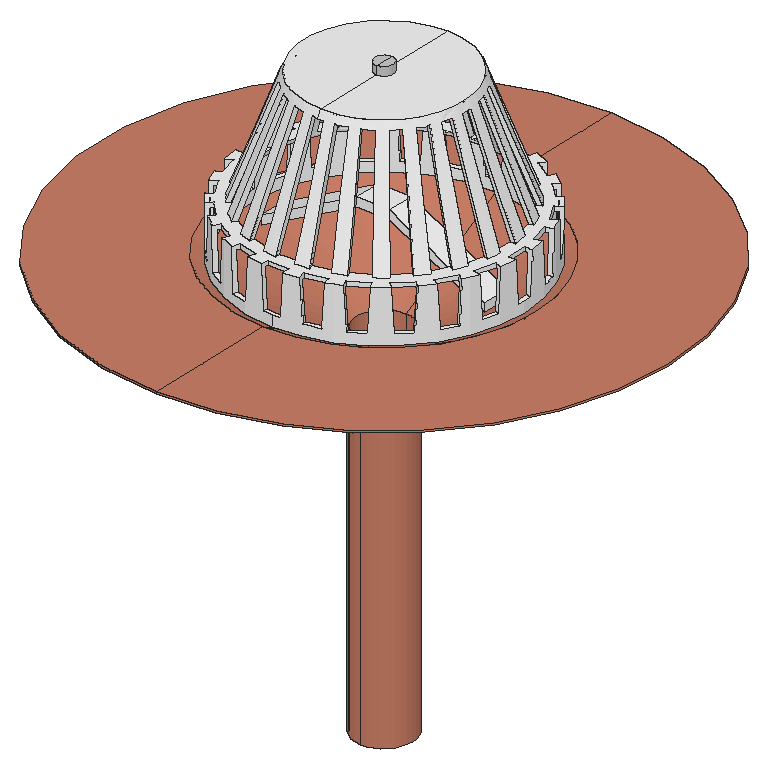
Revit family "Plumbing_Drainage_Menzies-Metal_Commercial-Spun-Copper-Drain", category Plumbing Fixtures, host Face, Revit 2018
Family settings
  Host = Face
  Round Connector Dimension = Use Diameter
  Part Type = Normal
  OmniClass Number = 23.70.50.21.24.11
  OmniClass Title = Roof Waste Water Drains
  Cut with Voids When Loaded = No
  Shared = No
  Room Calculation Point = No
Parameters (values of type "2"")
  Weight = 4.05 lbf
  URL = "https://www.menzies-metal.com/flat-roofing/commercial-spun-copper-drain/"
  Product data url = "https://www.bimobject.com/menzies-metal/product/commercial-copper"
  Product Material = Metal - Menzies Metal Products - Copper
  Product Guid = "a301bc6e-1830-4c65-b6ef-e79800863fc5"
  Pipe Length Note = "Longer pipes available.  Pipes can be field cut to the desired length."  # constant formula
  Pipe Length = 0' - 10 7/8"
  Pipe Diameter = 1 3/4"
  Model = "300-3065"
  Manufacturer = "Menzies Metal Products"  # constant formula
  Edition number = 1
  Drain Flow = 0 GPM
  Description = "Commercial Spun Copper Drain"  # constant formula
  Default Elevation = 4' - 0"
  Assembly Code = "D2040200"
Types (4): name | Weight | Pipe Diameter | Model
  2" | 4.05 lbf | 1 3/4" | "300-3065"
  3" | 4.95 lbf | 2 3/4" | "300-3070"
  4" | 5.50 lbf | 3 3/4" | "300-3075"
  6" | 10.50 lbf | 5 3/4" | "300-3078"
Reference planes (in)
  plane 1 "Center (Front/Back)": y = 0
  plane 2: z = 0
  plane 3 "Center (Left/Right)": x = 0
  plane 4: z = -12.86321
  plane 5: y = 0.875
  plane 6: y = -0.875
  plane 7: y = 0.40591
  plane 8: y = -0.40591
  plane 9: z = -1.98821
  plane 10: z = 0.05867
Forms (in)
  Revolve 1, solid, material "Metal - Menzies Metal Products - Aluminum", detail levels coarse
    sketch origin (0, 0, 0) x (0, 1, 0) y (0, 0, 1)
      loop
        line (2.40013, 4.98) -> (0, 4.98) -> (0, -0.08963) -> (4.23823, -0.08963) -> (4.23823, 1.48) -> (3.74365, 1.48) -> (2.40013, 4.98)
      axis (0, 4.98) -> (0, -0.08963)
    angle from 0 to 360
  Revolve 2, solid, material "Metal - Menzies Metal Products - Copper" <- "Product Material", detail levels coarse
    sketch origin (0, 0, 0) x (0, 1, 0) y (0, 0, 1)
      loop
        line (8.59375, 0.05) -> (0, 0.05) -> (0, -12.86321) -> (0.875, -12.86321) -> (0.875, -1.98821) -> (4.59375, 0) -> (8.59375, 0) -> (8.59375, 0.05)
      axis (0, 0.05) -> (0, -12.86321)
    angle from 0 to 360
  Revolve 3, solid, material "Metal - Menzies Metal Products - Stainless Steel", detail levels medium+fine
    sketch origin (0, 0, 0) x (0, 1, 0) y (0, 0, 1)
      loop
        line (0.27255, 5.23) -> (0, 5.23) -> (0, 0.98) -> (0.11813, 0.98) -> (0.11813, 4.98) -> (0.27255, 4.98) -> (0.27255, 5.23)
      axis (0, 5.23) -> (0, 0.98)
    angle from 0 to 360
  Revolve 4, solid, material "Metal - Menzies Metal Products - Aluminum", detail levels medium+fine
    sketch origin (0, 0, 0) x (0, 1, 0) y (0, 0, 1)
      loop
        line (2.40013, 4.98) -> (0, 4.98) -> (0, 4.855) -> (2.31422, 4.855) -> (3.65774, 1.355) -> (4.11323, 1.355) -> (4.11323, -0.08963) -> (4.23823, -0.08963) -> (4.23823, 1.48) -> (3.74365, 1.48) -> (2.40013, 4.98)
      axis (0, 4.98) -> (0, -0.08963)
    angle from 0 to 360
  Extrusion 5, void
    sketch origin (0, 0, 0) x (-1, 0, 0) y (0, 0, 1)
      loop
        line (0.17396, 4.76) -> (-0.17396, 4.76) -> (-0.2885, 1.48) -> (0.2885, 1.48) -> (0.17396, 4.76)
    from -4.68215 to -1.5
  Extrusion 6, void
    sketch origin (0, 0, 0) x (1, 0, 0) y (0, 0, 1)
      loop
        line (-0.25077, 0.23171) -> (0.25077, 0.23171) -> (0.31619, 1.48) -> (-0.31619, 1.48) -> (-0.25077, 0.23171)
    from 4.0004 to 4.40138
  Extrusion 7, void
    sketch origin (0, 0, 0) x (-0.965926, -0.258819, 0) y (0, 0, 1)
      loop
        line (0.17396, 4.76) -> (-0.17396, 4.76) -> (-0.2885, 1.48) -> (0.2885, 1.48) -> (0.17396, 4.76)
    from -4.68215 to -1.5
  Extrusion 8, void
    sketch origin (0, 0, 0) x (0.965926, 0.258819, 0) y (0, 0, 1)
      loop
        line (-0.25077, 0.23171) -> (0.25077, 0.23171) -> (0.31619, 1.48) -> (-0.31619, 1.48) -> (-0.25077, 0.23171)
    from 4.0004 to 4.40138
  Extrusion 9, void
    sketch origin (0, 0, 0) x (-0.866025, -0.5, 0) y (0, 0, 1)
      loop
        line (0.17396, 4.76) -> (-0.17396, 4.76) -> (-0.2885, 1.48) -> (0.2885, 1.48) -> (0.17396, 4.76)
    from -4.68215 to -1.5
  Extrusion 10, void
    sketch origin (0, 0, 0) x (0.866025, 0.5, 0) y (0, 0, 1)
      loop
        line (-0.25077, 0.23171) -> (0.25077, 0.23171) -> (0.31619, 1.48) -> (-0.31619, 1.48) -> (-0.25077, 0.23171)
    from 4.0004 to 4.40138
  Extrusion 11, void
    sketch origin (0, 0, 0) x (-0.707107, -0.707107, 0) y (0, 0, 1)
      loop
        line (0.17396, 4.76) -> (-0.17396, 4.76) -> (-0.2885, 1.48) -> (0.2885, 1.48) -> (0.17396, 4.76)
    from -4.68215 to -1.5
  Extrusion 12, void
    sketch origin (0, 0, 0) x (0.707107, 0.707107, 0) y (0, 0, 1)
      loop
        line (-0.25077, 0.23171) -> (0.25077, 0.23171) -> (0.31619, 1.48) -> (-0.31619, 1.48) -> (-0.25077, 0.23171)
    from 4.0004 to 4.40138
  Extrusion 13, void
    sketch origin (0, 0, 0) x (-0.5, -0.866025, 0) y (0, 0, 1)
      loop
        line (0.17396, 4.76) -> (-0.17396, 4.76) -> (-0.2885, 1.48) -> (0.2885, 1.48) -> (0.17396, 4.76)
    from -4.68215 to -1.5
  Extrusion 14, void
    sketch origin (0, 0, 0) x (0.5, 0.866025, 0) y (0, 0, 1)
      loop
        line (-0.25077, 0.23171) -> (0.25077, 0.23171) -> (0.31619, 1.48) -> (-0.31619, 1.48) -> (-0.25077, 0.23171)
    from 4.0004 to 4.40138
  Extrusion 15, void
    sketch origin (0, 0, 0) x (-0.258819, -0.965926, 0) y (0, 0, 1)
      loop
        line (0.17396, 4.76) -> (-0.17396, 4.76) -> (-0.2885, 1.48) -> (0.2885, 1.48) -> (0.17396, 4.76)
    from -4.68215 to -1.5
  Extrusion 16, void
    sketch origin (0, 0, 0) x (0.258819, 0.965926, 0) y (0, 0, 1)
      loop
        line (-0.25077, 0.23171) -> (0.25077, 0.23171) -> (0.31619, 1.48) -> (-0.31619, 1.48) -> (-0.25077, 0.23171)
    from 4.0004 to 4.40138
  Extrusion 17, void
    sketch origin (0, 0, 0) x (0, -1, 0) y (0, 0, 1)
      loop
        line (0.17396, 4.76) -> (-0.17396, 4.76) -> (-0.2885, 1.48) -> (0.2885, 1.48) -> (0.17396, 4.76)
    from -4.68215 to -1.5
  Extrusion 18, void
    sketch origin (0, 0, 0) x (0, 1, 0) y (0, 0, 1)
      loop
        line (-0.25077, 0.23171) -> (0.25077, 0.23171) -> (0.31619, 1.48) -> (-0.31619, 1.48) -> (-0.25077, 0.23171)
    from 4.0004 to 4.40138
  Extrusion 19, void
    sketch origin (0, 0, 0) x (0.258819, -0.965926, 0) y (0, 0, 1)
      loop
        line (0.17396, 4.76) -> (-0.17396, 4.76) -> (-0.2885, 1.48) -> (0.2885, 1.48) -> (0.17396, 4.76)
    from -4.68215 to -1.5
  Extrusion 20, void
    sketch origin (0, 0, 0) x (-0.258819, 0.965926, 0) y (0, 0, 1)
      loop
        line (-0.25077, 0.23171) -> (0.25077, 0.23171) -> (0.31619, 1.48) -> (-0.31619, 1.48) -> (-0.25077, 0.23171)
    from 4.0004 to 4.40138
  Extrusion 21, void
    sketch origin (0, 0, 0) x (0.5, -0.866025, 0) y (0, 0, 1)
      loop
        line (0.17396, 4.76) -> (-0.17396, 4.76) -> (-0.2885, 1.48) -> (0.2885, 1.48) -> (0.17396, 4.76)
    from -4.68215 to -1.5
  Extrusion 22, void
    sketch origin (0, 0, 0) x (-0.5, 0.866025, 0) y (0, 0, 1)
      loop
        line (-0.25077, 0.23171) -> (0.25077, 0.23171) -> (0.31619, 1.48) -> (-0.31619, 1.48) -> (-0.25077, 0.23171)
    from 4.0004 to 4.40138
  Extrusion 23, void
    sketch origin (0, 0, 0) x (0.707107, -0.707107, 0) y (0, 0, 1)
      loop
        line (0.17396, 4.76) -> (-0.17396, 4.76) -> (-0.2885, 1.48) -> (0.2885, 1.48) -> (0.17396, 4.76)
    from -4.68215 to -1.5
  Extrusion 24, void
    sketch origin (0, 0, 0) x (-0.707107, 0.707107, 0) y (0, 0, 1)
      loop
        line (-0.25077, 0.23171) -> (0.25077, 0.23171) -> (0.31619, 1.48) -> (-0.31619, 1.48) -> (-0.25077, 0.23171)
    from 4.0004 to 4.40138
  Extrusion 25, void
    sketch origin (0, 0, 0) x (0.866025, -0.5, 0) y (0, 0, 1)
      loop
        line (0.17396, 4.76) -> (-0.17396, 4.76) -> (-0.2885, 1.48) -> (0.2885, 1.48) -> (0.17396, 4.76)
    from -4.68215 to -1.5
  Extrusion 26, void
    sketch origin (0, 0, 0) x (-0.866025, 0.5, 0) y (0, 0, 1)
      loop
        line (-0.25077, 0.23171) -> (0.25077, 0.23171) -> (0.31619, 1.48) -> (-0.31619, 1.48) -> (-0.25077, 0.23171)
    from 4.0004 to 4.40138
  Extrusion 27, void
    sketch origin (0, 0, 0) x (0.965926, -0.258819, 0) y (0, 0, 1)
      loop
        line (0.17396, 4.76) -> (-0.17396, 4.76) -> (-0.2885, 1.48) -> (0.2885, 1.48) -> (0.17396, 4.76)
    from -4.68215 to -1.5
  Extrusion 28, void
    sketch origin (0, 0, 0) x (-0.965926, 0.258819, 0) y (0, 0, 1)
      loop
        line (-0.25077, 0.23171) -> (0.25077, 0.23171) -> (0.31619, 1.48) -> (-0.31619, 1.48) -> (-0.25077, 0.23171)
    from 4.0004 to 4.40138
  Extrusion 29, void
    sketch origin (0, 0, 0) x (1, 0, 0) y (0, 0, 1)
      loop
        line (0.17396, 4.76) -> (-0.17396, 4.76) -> (-0.2885, 1.48) -> (0.2885, 1.48) -> (0.17396, 4.76)
    from -4.68215 to -1.5
  Extrusion 30, void
    sketch origin (0, 0, 0) x (-1, 0, 0) y (0, 0, 1)
      loop
        line (-0.25077, 0.23171) -> (0.25077, 0.23171) -> (0.31619, 1.48) -> (-0.31619, 1.48) -> (-0.25077, 0.23171)
    from 4.0004 to 4.40138
  Extrusion 31, void
    sketch origin (0, 0, 0) x (0.965926, 0.258819, 0) y (0, 0, 1)
      loop
        line (0.17396, 4.76) -> (-0.17396, 4.76) -> (-0.2885, 1.48) -> (0.2885, 1.48) -> (0.17396, 4.76)
    from -4.68215 to -1.5
  Extrusion 32, void
    sketch origin (0, 0, 0) x (-0.965926, -0.258819, 0) y (0, 0, 1)
      loop
        line (-0.25077, 0.23171) -> (0.25077, 0.23171) -> (0.31619, 1.48) -> (-0.31619, 1.48) -> (-0.25077, 0.23171)
    from 4.0004 to 4.40138
  Extrusion 33, void
    sketch origin (0, 0, 0) x (0.866025, 0.5, 0) y (0, 0, 1)
      loop
        line (0.17396, 4.76) -> (-0.17396, 4.76) -> (-0.2885, 1.48) -> (0.2885, 1.48) -> (0.17396, 4.76)
    from -4.68215 to -1.5
  Extrusion 34, void
    sketch origin (0, 0, 0) x (-0.866025, -0.5, 0) y (0, 0, 1)
      loop
        line (-0.25077, 0.23171) -> (0.25077, 0.23171) -> (0.31619, 1.48) -> (-0.31619, 1.48) -> (-0.25077, 0.23171)
    from 4.0004 to 4.40138
  Extrusion 35, void
    sketch origin (0, 0, 0) x (0.707107, 0.707107, 0) y (0, 0, 1)
      loop
        line (0.17396, 4.76) -> (-0.17396, 4.76) -> (-0.2885, 1.48) -> (0.2885, 1.48) -> (0.17396, 4.76)
    from -4.68215 to -1.5
  Extrusion 36, void
    sketch origin (0, 0, 0) x (-0.707107, -0.707107, 0) y (0, 0, 1)
      loop
        line (-0.25077, 0.23171) -> (0.25077, 0.23171) -> (0.31619, 1.48) -> (-0.31619, 1.48) -> (-0.25077, 0.23171)
    from 4.0004 to 4.40138
  Extrusion 37, void
    sketch origin (0, 0, 0) x (0.5, 0.866025, 0) y (0, 0, 1)
      loop
        line (0.17396, 4.76) -> (-0.17396, 4.76) -> (-0.2885, 1.48) -> (0.2885, 1.48) -> (0.17396, 4.76)
    from -4.68215 to -1.5
  Extrusion 38, void
    sketch origin (0, 0, 0) x (-0.5, -0.866025, 0) y (0, 0, 1)
      loop
        line (-0.25077, 0.23171) -> (0.25077, 0.23171) -> (0.31619, 1.48) -> (-0.31619, 1.48) -> (-0.25077, 0.23171)
    from 4.0004 to 4.40138
  Extrusion 39, void
    sketch origin (0, 0, 0) x (0.258819, 0.965926, 0) y (0, 0, 1)
      loop
        line (0.17396, 4.76) -> (-0.17396, 4.76) -> (-0.2885, 1.48) -> (0.2885, 1.48) -> (0.17396, 4.76)
    from -4.68215 to -1.5
  Extrusion 40, void
    sketch origin (0, 0, 0) x (-0.258819, -0.965926, 0) y (0, 0, 1)
      loop
        line (-0.25077, 0.23171) -> (0.25077, 0.23171) -> (0.31619, 1.48) -> (-0.31619, 1.48) -> (-0.25077, 0.23171)
    from 4.0004 to 4.40138
  Extrusion 41, void
    sketch origin (0, 0, 0) x (0, 1, 0) y (0, 0, 1)
      loop
        line (0.17396, 4.76) -> (-0.17396, 4.76) -> (-0.2885, 1.48) -> (0.2885, 1.48) -> (0.17396, 4.76)
    from -4.68215 to -1.5
  Extrusion 42, void
    sketch origin (0, 0, 0) x (0, -1, 0) y (0, 0, 1)
      loop
        line (-0.25077, 0.23171) -> (0.25077, 0.23171) -> (0.31619, 1.48) -> (-0.31619, 1.48) -> (-0.25077, 0.23171)
    from 4.0004 to 4.40138
  Extrusion 43, void
    sketch origin (0, 0, 0) x (-0.258819, 0.965926, 0) y (0, 0, 1)
      loop
        line (0.17396, 4.76) -> (-0.17396, 4.76) -> (-0.2885, 1.48) -> (0.2885, 1.48) -> (0.17396, 4.76)
    from -4.68215 to -1.5
  Extrusion 44, void
    sketch origin (0, 0, 0) x (0.258819, -0.965926, 0) y (0, 0, 1)
      loop
        line (-0.25077, 0.23171) -> (0.25077, 0.23171) -> (0.31619, 1.48) -> (-0.31619, 1.48) -> (-0.25077, 0.23171)
    from 4.0004 to 4.40138
  Extrusion 45, void
    sketch origin (0, 0, 0) x (-0.5, 0.866025, 0) y (0, 0, 1)
      loop
        line (0.17396, 4.76) -> (-0.17396, 4.76) -> (-0.2885, 1.48) -> (0.2885, 1.48) -> (0.17396, 4.76)
    from -4.68215 to -1.5
  Extrusion 46, void
    sketch origin (0, 0, 0) x (0.5, -0.866025, 0) y (0, 0, 1)
      loop
        line (-0.25077, 0.23171) -> (0.25077, 0.23171) -> (0.31619, 1.48) -> (-0.31619, 1.48) -> (-0.25077, 0.23171)
    from 4.0004 to 4.40138
  Extrusion 47, void
    sketch origin (0, 0, 0) x (-0.707107, 0.707107, 0) y (0, 0, 1)
      loop
        line (0.17396, 4.76) -> (-0.17396, 4.76) -> (-0.2885, 1.48) -> (0.2885, 1.48) -> (0.17396, 4.76)
    from -4.68215 to -1.5
  Extrusion 48, void
    sketch origin (0, 0, 0) x (0.707107, -0.707107, 0) y (0, 0, 1)
      loop
        line (-0.25077, 0.23171) -> (0.25077, 0.23171) -> (0.31619, 1.48) -> (-0.31619, 1.48) -> (-0.25077, 0.23171)
    from 4.0004 to 4.40138
  Extrusion 49, void
    sketch origin (0, 0, 0) x (-0.866025, 0.5, 0) y (0, 0, 1)
      loop
        line (0.17396, 4.76) -> (-0.17396, 4.76) -> (-0.2885, 1.48) -> (0.2885, 1.48) -> (0.17396, 4.76)
    from -4.68215 to -1.5
  Extrusion 50, void
    sketch origin (0, 0, 0) x (0.866025, -0.5, 0) y (0, 0, 1)
      loop
        line (-0.25077, 0.23171) -> (0.25077, 0.23171) -> (0.31619, 1.48) -> (-0.31619, 1.48) -> (-0.25077, 0.23171)
    from 4.0004 to 4.40138
  Extrusion 51, void
    sketch origin (0, 0, 0) x (-0.965926, 0.258819, 0) y (0, 0, 1)
      loop
        line (0.17396, 4.76) -> (-0.17396, 4.76) -> (-0.2885, 1.48) -> (0.2885, 1.48) -> (0.17396, 4.76)
    from -4.68215 to -1.5
  Extrusion 52, void
    sketch origin (0, 0, 0) x (0.965926, -0.258819, 0) y (0, 0, 1)
      loop
        line (-0.25077, 0.23171) -> (0.25077, 0.23171) -> (0.31619, 1.48) -> (-0.31619, 1.48) -> (-0.25077, 0.23171)
    from 4.0004 to 4.40138
  Extrusion 53, solid, material "Metal - Menzies Metal Products - Aluminum", detail levels medium+fine
    sketch origin (0, 0, 0) x (1, 0, 0) y (0, 0, 1)
      loop
        line (-3.375, 0.05) -> (-3.375, -0.19772) -> (-0.50436, 1.3) -> (0.50436, 1.3) -> (3.375, -0.19772) -> (3.375, 0.05) -> (0.5, 1.55) -> (-0.5, 1.55) -> (-3.375, 0.05)
    from -0.40591 to 0.40591
  Revolve 54, solid, material "Metal - Menzies Metal Products - Copper" <- "Product Material", detail levels medium+fine
    sketch origin (0, 0, 0) x (0, 1, 0) y (0, 0, 1)
      loop
        line (0.875, -1.98821) -> (4.59375, 0) -> (8.59375, 0) -> (8.59375, 0.05) -> (4.57957, 0.05) -> (0.82422, -1.95777) -> (0.82422, -12.86321) -> (0.875, -12.86321) -> (0.875, -1.98821)
      axis (0, 0.05) -> (0, -12.86321)
    angle from 0 to 360
  Revolve 55, void
    sketch origin (0, 0, 0) x (0, 1, 0) y (0, 0, 1)
      loop
        line (0, -12.86321) -> (0.875, -12.86321) -> (0.875, -1.98821) -> (4.59375, 0) -> (0, 0) -> (0, -12.86321)
      axis (0, -12.86321) -> (0, 0)
    angle from 0 to 360
Cuts and joins
  Extrusion 5, Extrusion 6, Extrusion 7, Extrusion 8, Extrusion 9, Extrusion 10, Extrusion 11, Extrusion 12, Extrusion 13, Extrusion 14, Extrusion 15, Extrusion 16, Extrusion 17, Extrusion 18, Extrusion 19, Extrusion 20, Extrusion 21, Extrusion 22, Extrusion 23, Extrusion 24, Extrusion 25, Extrusion 26, Extrusion 27, Extrusion 28, Extrusion 29, Extrusion 30, Extrusion 31, Extrusion 32, Extrusion 33, Extrusion 34, Extrusion 35, Extrusion 36, Extrusion 37, Extrusion 38, Extrusion 39, Extrusion 40, Extrusion 41, Extrusion 42, Extrusion 43, Extrusion 44, Extrusion 45, Extrusion 46, Extrusion 47, Extrusion 48, Extrusion 49, Extrusion 50, Extrusion 51, Extrusion 52 cuts Revolve 4
Lines and regions (in)
  Masking region 1
    outline origin (0, 0, 0) x (1, 0, 0) y (0, 1, 0)
      loop
        circle (0, 0) r 8.59375
  symbolic lines, detail levels medium+fine
    curve 1: arc (4.39127, 0, 0) -> (0, 4.39127, 0) -> (-4.39127, 0, 0) r 4.39127
    curve 2: arc (-4.39127, 0, 0) -> (0, -4.39127, 0) -> (4.39127, 0, 0) r 4.39127
  symbolic lines, style "PlumbingFixturesHiddenLines", detail levels medium+fine
    curve 3: arc (0, -0.875, 0) -> (0.875, 0, 0) -> (0, 0.875, 0) r 0.875
    curve 4: arc (0, 0.875, 0) -> (-0.875, 0, 0) -> (0, -0.875, 0) r 0.875
Dimensions and locks (in)
  Revolve 1 sketch curve to Revolve 1 sketch curve to Revolve 1 sketch curve to Revolve 1 sketch curve = 0' - 0.49457" locked, 0' - 1.34352" locked, 0' - 2.40013" locked
  equal spacing: plane 5, plane 1 "Center (Front/Back)", plane 6
  "Pipe Diameter": plane 5 to plane 6
  Revolve 3 sketch curve to Revolve 3 sketch curve to Revolve 3 sketch curve to Revolve 3 sketch curve = 0' - 0.15442", 0' - 0.11813" locked, 0' - 0" locked
  Revolve 3 sketch curve to Revolve 3 sketch curve to Revolve 3 sketch curve to plane 2 = 0' - 0 1/4" locked, 0' - 4" locked, 0' - 0.98" locked
  Revolve 4 sketch curve to Revolve 4 sketch curve to Revolve 4 sketch curve to Revolve 4 sketch curve to Revolve 4 sketch curve to Revolve 4 sketch curve to plane 1 "Center (Front/Back)" = 0' - 0 1/8" locked, 0' - 0.36957" locked, 0' - 0.08591" locked, 0' - 1.25761" locked, 0' - 0.08591" locked, 0' - 2.31422" locked
  Revolve 4 sketch curve to Revolve 4 sketch curve to level = 0' - 3 1/2" locked, 0' - 1.355" locked
  Extrusion 5 sketch curve to Extrusion 5 sketch curve to Extrusion 5 sketch curve to Extrusion 5 sketch curve = 0' - 0.11454", 0' - 0.34792" locked, 0' - 0.11454"
  locked: Extrusion 5 sketch curve to Extrusion 5 sketch curve at 3.28
  Extrusion 6 sketch curve to Extrusion 6 sketch curve to Extrusion 6 sketch curve to Extrusion 6 sketch curve = 0' - 0.06542" locked, 0' - 0.50155" locked, 0' - 0.06542" locked
  locked: Extrusion 6 sketch curve to Extrusion 6 sketch curve at 1.24829
  Extrusion 7 sketch curve to Extrusion 7 sketch curve to Extrusion 7 sketch curve to Extrusion 7 sketch curve = 0' - 0.11454", 0' - 0.34792" locked, 0' - 0.11454"
  locked: Extrusion 7 sketch curve to Extrusion 7 sketch curve at 3.28
  Extrusion 8 sketch curve to Extrusion 8 sketch curve to Extrusion 8 sketch curve to Extrusion 8 sketch curve = 0' - 0.06542" locked, 0' - 0.50155" locked, 0' - 0.06542" locked
  locked: Extrusion 8 sketch curve to Extrusion 8 sketch curve at 1.24829
  Extrusion 9 sketch curve to Extrusion 9 sketch curve to Extrusion 9 sketch curve to Extrusion 9 sketch curve = 0' - 0.11454", 0' - 0.34792" locked, 0' - 0.11454"
  locked: Extrusion 9 sketch curve to Extrusion 9 sketch curve at 3.28
  Extrusion 10 sketch curve to Extrusion 10 sketch curve to Extrusion 10 sketch curve to Extrusion 10 sketch curve = 0' - 0.06542" locked, 0' - 0.50155" locked, 0' - 0.06542" locked
  locked: Extrusion 10 sketch curve to Extrusion 10 sketch curve at 1.24829
  Extrusion 11 sketch curve to Extrusion 11 sketch curve to Extrusion 11 sketch curve to Extrusion 11 sketch curve = 0' - 0.11454", 0' - 0.34792" locked, 0' - 0.11454"
  locked: Extrusion 11 sketch curve to Extrusion 11 sketch curve at 3.28
  Extrusion 12 sketch curve to Extrusion 12 sketch curve to Extrusion 12 sketch curve to Extrusion 12 sketch curve = 0' - 0.06542" locked, 0' - 0.50155" locked, 0' - 0.06542" locked
  locked: Extrusion 12 sketch curve to Extrusion 12 sketch curve at 1.24829
  Extrusion 13 sketch curve to Extrusion 13 sketch curve to Extrusion 13 sketch curve to Extrusion 13 sketch curve = 0' - 0.11454", 0' - 0.34792" locked, 0' - 0.11454"
  locked: Extrusion 13 sketch curve to Extrusion 13 sketch curve at 3.28
  Extrusion 14 sketch curve to Extrusion 14 sketch curve to Extrusion 14 sketch curve to Extrusion 14 sketch curve = 0' - 0.06542" locked, 0' - 0.50155" locked, 0' - 0.06542" locked
  locked: Extrusion 14 sketch curve to Extrusion 14 sketch curve at 1.24829
  Extrusion 15 sketch curve to Extrusion 15 sketch curve to Extrusion 15 sketch curve to Extrusion 15 sketch curve = 0' - 0.11454", 0' - 0.34792" locked, 0' - 0.11454"
  locked: Extrusion 15 sketch curve to Extrusion 15 sketch curve at 3.28
  Extrusion 16 sketch curve to Extrusion 16 sketch curve to Extrusion 16 sketch curve to Extrusion 16 sketch curve = 0' - 0.06542" locked, 0' - 0.50155" locked, 0' - 0.06542" locked
  locked: Extrusion 16 sketch curve to Extrusion 16 sketch curve at 1.24829
  Extrusion 17 sketch curve to Extrusion 17 sketch curve to Extrusion 17 sketch curve to Extrusion 17 sketch curve = 0' - 0.11454", 0' - 0.34792" locked, 0' - 0.11454"
  locked: Extrusion 17 sketch curve to Extrusion 17 sketch curve at 3.28
  Extrusion 18 sketch curve to Extrusion 18 sketch curve to Extrusion 18 sketch curve to Extrusion 18 sketch curve = 0' - 0.06542" locked, 0' - 0.50155" locked, 0' - 0.06542" locked
  locked: Extrusion 18 sketch curve to Extrusion 18 sketch curve at 1.24829
  Extrusion 19 sketch curve to Extrusion 19 sketch curve to Extrusion 19 sketch curve to Extrusion 19 sketch curve = 0' - 0.11454", 0' - 0.34792" locked, 0' - 0.11454"
  locked: Extrusion 19 sketch curve to Extrusion 19 sketch curve at 3.28
  Extrusion 20 sketch curve to Extrusion 20 sketch curve to Extrusion 20 sketch curve to Extrusion 20 sketch curve = 0' - 0.06542" locked, 0' - 0.50155" locked, 0' - 0.06542" locked
  locked: Extrusion 20 sketch curve to Extrusion 20 sketch curve at 1.24829
  Extrusion 21 sketch curve to Extrusion 21 sketch curve to Extrusion 21 sketch curve to Extrusion 21 sketch curve = 0' - 0.11454", 0' - 0.34792" locked, 0' - 0.11454"
  locked: Extrusion 21 sketch curve to Extrusion 21 sketch curve at 3.28
  Extrusion 22 sketch curve to Extrusion 22 sketch curve to Extrusion 22 sketch curve to Extrusion 22 sketch curve = 0' - 0.06542" locked, 0' - 0.50155" locked, 0' - 0.06542" locked
  locked: Extrusion 22 sketch curve to Extrusion 22 sketch curve at 1.24829
  Extrusion 23 sketch curve to Extrusion 23 sketch curve to Extrusion 23 sketch curve to Extrusion 23 sketch curve = 0' - 0.11454", 0' - 0.34792" locked, 0' - 0.11454"
  locked: Extrusion 23 sketch curve to Extrusion 23 sketch curve at 3.28
  Extrusion 24 sketch curve to Extrusion 24 sketch curve to Extrusion 24 sketch curve to Extrusion 24 sketch curve = 0' - 0.06542" locked, 0' - 0.50155" locked, 0' - 0.06542" locked
  locked: Extrusion 24 sketch curve to Extrusion 24 sketch curve at 1.24829
  Extrusion 25 sketch curve to Extrusion 25 sketch curve to Extrusion 25 sketch curve to Extrusion 25 sketch curve = 0' - 0.11454", 0' - 0.34792" locked, 0' - 0.11454"
  locked: Extrusion 25 sketch curve to Extrusion 25 sketch curve at 3.28
  Extrusion 26 sketch curve to Extrusion 26 sketch curve to Extrusion 26 sketch curve to Extrusion 26 sketch curve = 0' - 0.06542" locked, 0' - 0.50155" locked, 0' - 0.06542" locked
  locked: Extrusion 26 sketch curve to Extrusion 26 sketch curve at 1.24829
  Extrusion 27 sketch curve to Extrusion 27 sketch curve to Extrusion 27 sketch curve to Extrusion 27 sketch curve = 0' - 0.11454", 0' - 0.34792" locked, 0' - 0.11454"
  locked: Extrusion 27 sketch curve to Extrusion 27 sketch curve at 3.28
  Extrusion 28 sketch curve to Extrusion 28 sketch curve to Extrusion 28 sketch curve to Extrusion 28 sketch curve = 0' - 0.06542" locked, 0' - 0.50155" locked, 0' - 0.06542" locked
  locked: Extrusion 28 sketch curve to Extrusion 28 sketch curve at 1.24829
  Extrusion 29 sketch curve to Extrusion 29 sketch curve to Extrusion 29 sketch curve to Extrusion 29 sketch curve = 0' - 0.11454", 0' - 0.34792" locked, 0' - 0.11454"
  locked: Extrusion 29 sketch curve to Extrusion 29 sketch curve at 3.28
  Extrusion 30 sketch curve to Extrusion 30 sketch curve to Extrusion 30 sketch curve to Extrusion 30 sketch curve = 0' - 0.06542" locked, 0' - 0.50155" locked, 0' - 0.06542" locked
  locked: Extrusion 30 sketch curve to Extrusion 30 sketch curve at 1.24829
  Extrusion 31 sketch curve to Extrusion 31 sketch curve to Extrusion 31 sketch curve to Extrusion 31 sketch curve = 0' - 0.11454", 0' - 0.34792" locked, 0' - 0.11454"
  locked: Extrusion 31 sketch curve to Extrusion 31 sketch curve at 3.28
  Extrusion 32 sketch curve to Extrusion 32 sketch curve to Extrusion 32 sketch curve to Extrusion 32 sketch curve = 0' - 0.06542" locked, 0' - 0.50155" locked, 0' - 0.06542" locked
  locked: Extrusion 32 sketch curve to Extrusion 32 sketch curve at 1.24829
  Extrusion 33 sketch curve to Extrusion 33 sketch curve to Extrusion 33 sketch curve to Extrusion 33 sketch curve = 0' - 0.11454", 0' - 0.34792" locked, 0' - 0.11454"
  locked: Extrusion 33 sketch curve to Extrusion 33 sketch curve at 3.28
  Extrusion 34 sketch curve to Extrusion 34 sketch curve to Extrusion 34 sketch curve to Extrusion 34 sketch curve = 0' - 0.06542" locked, 0' - 0.50155" locked, 0' - 0.06542" locked
  locked: Extrusion 34 sketch curve to Extrusion 34 sketch curve at 1.24829
  Extrusion 35 sketch curve to Extrusion 35 sketch curve to Extrusion 35 sketch curve to Extrusion 35 sketch curve = 0' - 0.11454", 0' - 0.34792" locked, 0' - 0.11454"
  locked: Extrusion 35 sketch curve to Extrusion 35 sketch curve at 3.28
  Extrusion 36 sketch curve to Extrusion 36 sketch curve to Extrusion 36 sketch curve to Extrusion 36 sketch curve = 0' - 0.06542" locked, 0' - 0.50155" locked, 0' - 0.06542" locked
  locked: Extrusion 36 sketch curve to Extrusion 36 sketch curve at 1.24829
  Extrusion 37 sketch curve to Extrusion 37 sketch curve to Extrusion 37 sketch curve to Extrusion 37 sketch curve = 0' - 0.11454", 0' - 0.34792" locked, 0' - 0.11454"
  locked: Extrusion 37 sketch curve to Extrusion 37 sketch curve at 3.28
  Extrusion 38 sketch curve to Extrusion 38 sketch curve to Extrusion 38 sketch curve to Extrusion 38 sketch curve = 0' - 0.06542" locked, 0' - 0.50155" locked, 0' - 0.06542" locked
  locked: Extrusion 38 sketch curve to Extrusion 38 sketch curve at 1.24829
  Extrusion 39 sketch curve to Extrusion 39 sketch curve to Extrusion 39 sketch curve to Extrusion 39 sketch curve = 0' - 0.11454", 0' - 0.34792" locked, 0' - 0.11454"
  locked: Extrusion 39 sketch curve to Extrusion 39 sketch curve at 3.28
  Extrusion 40 sketch curve to Extrusion 40 sketch curve to Extrusion 40 sketch curve to Extrusion 40 sketch curve = 0' - 0.06542" locked, 0' - 0.50155" locked, 0' - 0.06542" locked
  locked: Extrusion 40 sketch curve to Extrusion 40 sketch curve at 1.24829
  Extrusion 41 sketch curve to Extrusion 41 sketch curve to Extrusion 41 sketch curve to Extrusion 41 sketch curve = 0' - 0.11454", 0' - 0.34792" locked, 0' - 0.11454"
  locked: Extrusion 41 sketch curve to Extrusion 41 sketch curve at 3.28
  Extrusion 42 sketch curve to Extrusion 42 sketch curve to Extrusion 42 sketch curve to Extrusion 42 sketch curve = 0' - 0.06542" locked, 0' - 0.50155" locked, 0' - 0.06542" locked
  locked: Extrusion 42 sketch curve to Extrusion 42 sketch curve at 1.24829
  Extrusion 43 sketch curve to Extrusion 43 sketch curve to Extrusion 43 sketch curve to Extrusion 43 sketch curve = 0' - 0.11454", 0' - 0.34792" locked, 0' - 0.11454"
  locked: Extrusion 43 sketch curve to Extrusion 43 sketch curve at 3.28
  Extrusion 44 sketch curve to Extrusion 44 sketch curve to Extrusion 44 sketch curve to Extrusion 44 sketch curve = 0' - 0.06542" locked, 0' - 0.50155" locked, 0' - 0.06542" locked
  locked: Extrusion 44 sketch curve to Extrusion 44 sketch curve at 1.24829
  Extrusion 45 sketch curve to Extrusion 45 sketch curve to Extrusion 45 sketch curve to Extrusion 45 sketch curve = 0' - 0.11454", 0' - 0.34792" locked, 0' - 0.11454"
  locked: Extrusion 45 sketch curve to Extrusion 45 sketch curve at 3.28
  Extrusion 46 sketch curve to Extrusion 46 sketch curve to Extrusion 46 sketch curve to Extrusion 46 sketch curve = 0' - 0.06542" locked, 0' - 0.50155" locked, 0' - 0.06542" locked
  locked: Extrusion 46 sketch curve to Extrusion 46 sketch curve at 1.24829
  Extrusion 47 sketch curve to Extrusion 47 sketch curve to Extrusion 47 sketch curve to Extrusion 47 sketch curve = 0' - 0.11454", 0' - 0.34792" locked, 0' - 0.11454"
  locked: Extrusion 47 sketch curve to Extrusion 47 sketch curve at 3.28
  Extrusion 48 sketch curve to Extrusion 48 sketch curve to Extrusion 48 sketch curve to Extrusion 48 sketch curve = 0' - 0.06542" locked, 0' - 0.50155" locked, 0' - 0.06542" locked
  locked: Extrusion 48 sketch curve to Extrusion 48 sketch curve at 1.24829
  Extrusion 49 sketch curve to Extrusion 49 sketch curve to Extrusion 49 sketch curve to Extrusion 49 sketch curve = 0' - 0.11454", 0' - 0.34792" locked, 0' - 0.11454"
  locked: Extrusion 49 sketch curve to Extrusion 49 sketch curve at 3.28
  Extrusion 50 sketch curve to Extrusion 50 sketch curve to Extrusion 50 sketch curve to Extrusion 50 sketch curve = 0' - 0.06542" locked, 0' - 0.50155" locked, 0' - 0.06542" locked
  locked: Extrusion 50 sketch curve to Extrusion 50 sketch curve at 1.24829
  Extrusion 51 sketch curve to Extrusion 51 sketch curve to Extrusion 51 sketch curve to Extrusion 51 sketch curve = 0' - 0.11454", 0' - 0.34792" locked, 0' - 0.11454"
  locked: Extrusion 51 sketch curve to Extrusion 51 sketch curve at 3.28
  Extrusion 52 sketch curve to Extrusion 52 sketch curve to Extrusion 52 sketch curve to Extrusion 52 sketch curve = 0' - 0.06542" locked, 0' - 0.50155" locked, 0' - 0.06542" locked
  locked: Extrusion 52 sketch curve to Extrusion 52 sketch curve at 1.24829
  Extrusion 53 sketch curve to Extrusion 53 sketch curve to Extrusion 53 sketch curve to plane 3 "Center (Left/Right)" to Extrusion 53 sketch curve to Extrusion 53 sketch curve to Extrusion 53 sketch curve = 0' - 2.87064" locked, 0' - 0.00436" locked, 0' - 0 1/2" locked, 0' - 0 1/2" locked, 0' - 0.00436" locked, 0' - 2.87064" locked
  Extrusion 53 sketch curve to Extrusion 53 sketch curve to Extrusion 53 sketch curve to Extrusion 53 sketch curve to level to Extrusion 53 sketch curve to Extrusion 53 sketch curve = 0' - 0 1/4" locked, 0' - 1 1/4" locked, 0' - 0" locked, 0' - 0.05" locked, 0' - 0.19772" locked, 0' - 0" locked
  equal spacing: plane 8, plane 1 "Center (Front/Back)", plane 7
  locked: plane 7 to plane 8 at 0.81181
  locked: plane 5 to Revolve 54 sketch curve at 0.05078
  locked: plane 10 to plane 2 at 0.05867
  plane 10 to plane 9 = 0' - 2 3/64"
  "Pipe Length": plane 9 to plane 4
  locked: Revolve 2 sketch curve to plane 1 "Center (Front/Back)" at 8.59375
  locked: Revolve 2 sketch curve to plane 1 "Center (Front/Back)" at 4.59375
  locked: plane 10 to Revolve 2 sketch curve at 2.04688
  locked: Revolve 54 sketch curve to plane 1 "Center (Front/Back)" at 4.59375
  locked: Revolve 54 sketch curve to plane 1 "Center (Front/Back)" at 4.57957
  locked: Revolve 54 sketch curve to plane 1 "Center (Front/Back)" at 8.59375
  Revolve 1 sketch curve to Revolve 1 sketch curve to Revolve 1 sketch curve = 0' - 1.56963" locked, 0' - 3 1/2" locked
  locked: Revolve 55 sketch curve to plane 1 "Center (Front/Back)" at 4.59375
  aligned and locked: plane 2 to host face
  aligned and locked: level to host face
  aligned and locked: Revolve 2 sketch curve to plane 4
  aligned and locked: Revolve 2 sketch curve to plane 5
  aligned and locked: Revolve 3 sketch curve to plane 1 "Center (Front/Back)"
  aligned and locked: Revolve 4 sketch curve to plane 1 "Center (Front/Back)"
  aligned and locked: Revolve 4 sketch curve to Revolve 1  (x3)
  aligned and locked: plane 1 "Center (Front/Back)" to Revolve 4 sketch curve
  aligned and locked: plane 7 to Extrusion 53
  aligned and locked: Extrusion 53 to plane 8
  aligned and locked: Revolve 54 sketch curve to plane 1 "Center (Front/Back)"
  aligned and locked: plane 5 to Revolve 54 sketch curve
  aligned and locked: Revolve 54 sketch curve to plane 4
  aligned and locked: Masking region 1 sketch curve to Revolve 54  (x2)
  aligned and locked: curve 3 to Revolve 54
  aligned and locked: curve 4 to Revolve 54
  aligned and locked: Revolve 2 sketch curve to plane 1 "Center (Front/Back)"
  aligned and locked: Revolve 55 sketch curve to plane 1 "Center (Front/Back)"
  aligned and locked: Revolve 55 sketch curve to plane 4
  aligned and locked: Revolve 55 sketch curve to plane 5
Automatic sketch dimensions
  host sketch curve to host sketch curve = 8' - 0"  (x2)
  Revolve 3 sketch curve to plane 4 = 1' - 8 1/4"
  Revolve 3 sketch curve to Revolve 3 sketch curve = 7' - 3.04586"
  Revolve 4 sketch curve to plane 4 = 1' - 8 1/4"
  Revolve 4 sketch curve to Revolve 4 sketch curve = 7' - 3.29586"
  level to Extrusion 31 sketch curve = 0' - 1.48"
  level to Extrusion 32 sketch curve = 0' - 1.48"
  level to Extrusion 21 sketch curve = 0' - 1.48"
  level to Extrusion 22 sketch curve = 0' - 1.48"
  Revolve 2 sketch curve to plane 1 "Center (Front/Back)" = 0' - 0"
  Revolve 2 sketch curve to level = 0' - 0"
  Revolve 2 sketch curve to plane 10 = 0' - 0.00867"
  plane 9 to Revolve 2 sketch curve = 0' - 0.74133"
  plane 10 to Revolve 2 sketch curve = 0' - 6.74133"
  Revolve 54 sketch curve to level = 0' - 0"
  Revolve 54 sketch curve to plane 9 = 0' - 0"
  Revolve 54 sketch curve to plane 4 = 1' - 8 1/4"
  plane 10 to Revolve 54 sketch curve = 7' - 8.21719"
  Revolve 54 sketch curve to plane 10 = 0' - 0.00867"
  plane 9 to Revolve 54 sketch curve = 0' - 0.03043"
  Revolve 1 sketch curve to plane 1 "Center (Front/Back)" = 0' - 0"  (x2)
  Revolve 1 sketch curve to level = 0' - 0.08963"
  Revolve 1 sketch curve to plane 4 = 0' - 7.17947"
  Revolve 1 sketch curve to Revolve 1 sketch curve = 7' - 3.29586"
  Revolve 55 sketch curve to plane 1 "Center (Front/Back)" = 0' - 0"
  Revolve 55 sketch curve to level = 0' - 0"
  Revolve 55 sketch curve to plane 9 = 0' - 0"
  Revolve 55 sketch curve to Revolve 55 sketch curve = 0' - 0 3/4"
  Revolve 55 sketch curve to plane 9 = 0' - 2 7/8"
Connectors (in)
  piping at (0, 0, -12.86321), diameter 1.75, driven by "Drain Flow", driven by "Pipe Diameter"
    settings: on Revolve 54, index 1, connector inside diameter 24", connector length 0' - 0", flow factor 0, pipe flow 0 GPM, pressure drop 0.00 psi, fitting loss kfactor 0, connector angle 0.00°, fixture units 0, engagement length 0' - 0", angle of deflection 0.00°, flow configuration 0, flow direction 2, fitting loss method 0, system type 22, joint type 0, gender type 0, connector reference index -1, connector utility 0, adjustable connector no, is connector primary yes, connector description "Connector for Roof Drain"
